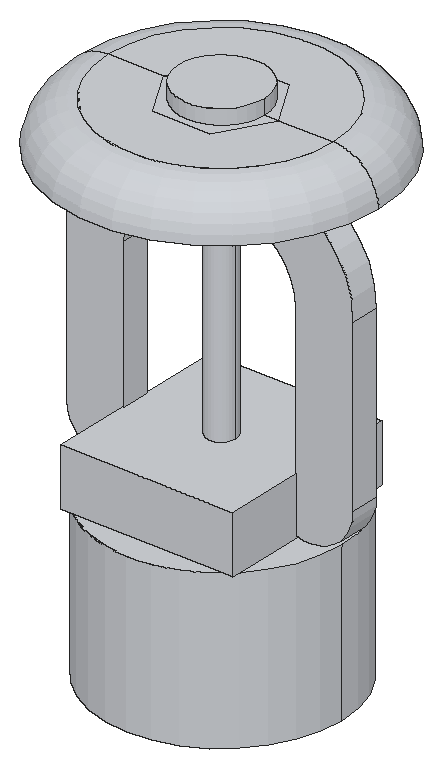
Revit family
Parameters (values of type "RASCO F1FR-300 UPRIGHT")
  Temperature Rating = 175 °F
  Response = 1
  RASCO SIN # = "R5622"
  RASCO Part # = "F1FRU5LB3"
  Pressure Rating = "300 PSI"
  Pressure Class = (empty or 0)
  Orifice Size = 17/32"
  Orifice = (empty or 0)
  Model = "F1FR-300"
  Manufacturer = "RASCO"
  K-Factor = 8
  Description = "Bronze Finish"
  Coverage = (empty or 0)
Reference planes (in)
  plane 1 "Center (Front/Back)": y = 0
  plane 2: z = 0
  plane 3 "Center (Left/Right)": x = 0
Dimensions and locks (in)
  aligned and locked: plane 2 to level
Nested families (in)
  nested 1: "F1FRU5LB3" at (0.178, 0.04633, 0), type "RASCO F1FR-300 UPRIGHT"
Connectors (in)
  piping at (0.178, 0.04633, 0)
    settings: on nested 1, index 1, connector radius 1/2", flow factor 0, pipe flow 0 GPM, pressure drop 0.00 psi, fitting loss kfactor 0, connector angle 0.00°, fixture units 0, flow configuration 0, flow direction 0, fitting loss method 0, system type 7, connector reference index -1, connector utility 0, adjustable connector no, is connector primary yes, fitting loss table "", connector description ""
Definition of nested family "F1FRU5LB3"
  Parameters (values of type "RASCO F1FR-300 UPRIGHT")
    Type Comments = ""
    Temperature Rating = 0 °F
    Response = (empty or 0)
    Pressure Rating = "0"
    Pressure Class = (empty or 0)
    Orifice Size = 0"
    Orifice = (empty or 0)
    Model = ""
    Manufacturer = ""
    K-Factor = 0
    Description = ""
    Coverage = (empty or 0)
    Assembly Code = ""
  Reference planes (in)
    plane 1 "Center (Front/Back)": y = 0
    plane 2: z = 0
    plane 3 "ref.2": z = 0.6875
    plane 4 "ref.3": z = 0.9375
    plane 5: x = -0.38065
    plane 6: x = 0.36935
    plane 7 "ref. side 1": y = 0.06402
    plane 8 "ref. side 2": y = -0.06098
    plane 9 "ref.4": z = 1.875
    plane 10 "ref.5": z = 2.3125
    plane 11 "ref.6": z = 2.4375
  Forms (in)
    Extrusion 1, solid
      sketch origin (0, 0, 0) x (1, 0, 0) y (0, 1, 0)
        loop
          circle (0, 0) r 0.5221
      from 0 to 0.6875
    Extrusion 2, solid
      sketch origin (-0.12185, 0.05177, 0.6875) x (1, 0, 0) y (0, 1, 0)
        loop
          line (-0.2588, 0.356) -> (-0.2588, -0.4565) -> (0.4912, -0.4565) -> (0.4912, 0.356) -> (-0.2588, 0.356)
      from 0 to 0.25
    Extrusion 3, solid
      sketch origin (0, 0, 0) x (1, 0, 0) y (0, 0, 1)
        loop
          line (-0.38065, 0.69674) -> (-0.38065, 1.58397)
          arc (-0.38065, 1.58397) -> (-0.29541, 1.78976) -> (-0.08962, 1.875) r 0.29103
          line (-0.08962, 1.875) -> (0.07524, 1.875)
          arc (0.07524, 1.875) -> (0.28321, 1.78886) -> (0.36935, 1.58089) r 0.29411
          line (0.36935, 1.58089) -> (0.36935, 0.69728)
          arc (0.36935, 0.69728) -> (0.54046, 0.72329) -> (0.61935, 0.87734) r 0.18984
          line (0.61935, 0.87734) -> (0.61935, 1.61676)
          arc (0.61935, 1.61676) -> (0.48879, 1.93194) -> (0.17361, 2.0625) r 0.44574
          line (0.17361, 2.0625) -> (-0.18509, 2.0625)
          arc (-0.18509, 2.0625) -> (-0.50015, 1.932) -> (-0.63065, 1.61694) r 0.44556
          line (-0.63065, 1.61694) -> (-0.63065, 0.87876)
          arc (-0.63065, 0.87876) -> (-0.55196, 0.72414) -> (-0.38065, 0.69674) r 0.19126
      from -0.06402 to 0.06098
    Extrusion 4, solid
      sketch origin (0, 0, 0.9375) x (-1, 0, 0) y (0, -1, 0)
        loop
          circle (0.00574, -0.00152) r 0.0625
      from 0 to 0.9375
    Extrusion 5, solid
      sketch origin (0, 0, 1.875) x (-1, 0, 0) y (0, -1, 0)
        loop
          circle (0.00574, -0.00152) r 0.1875
      from 0 to 0.4375
    Revolve 6, solid
      sketch origin (0, 0, -0.2777) x (1, 0, 0) y (0, 0, 1)
        loop
          line (-0.19324, 2.33367) -> (-0.19324, 2.52696) -> (-0.25733, 2.52696) -> (-0.49638, 2.52696)
          arc (-0.49638, 2.52696) -> (-0.63432, 2.47056) -> (-0.69321, 2.33367) r 0.19686
          line (-0.69321, 2.33367) -> (-0.19324, 2.33367)
        axis (-0.00574, 2.33367) -> (-0.00574, 2.52696)
      angle from 0 to 360
  Cuts and joins
    joined: Extrusion 1, Extrusion 2, Extrusion 4, Revolve 6
  Lines and regions (in)
    model lines
      curve 1: line (-0.00574, 0.06402, 1.875) -> (-0.00574, -0.06098, 1.875)
  Dimensions and locks (in)
    Extrusion 3 to Extrusion 3 = 0' - 1 1/4"
    Extrusion 5 to cut or joined group of Extrusion 1, Extrusion 2, Extrusion 4, Revolve 6 = 0' - 2 5/16"
